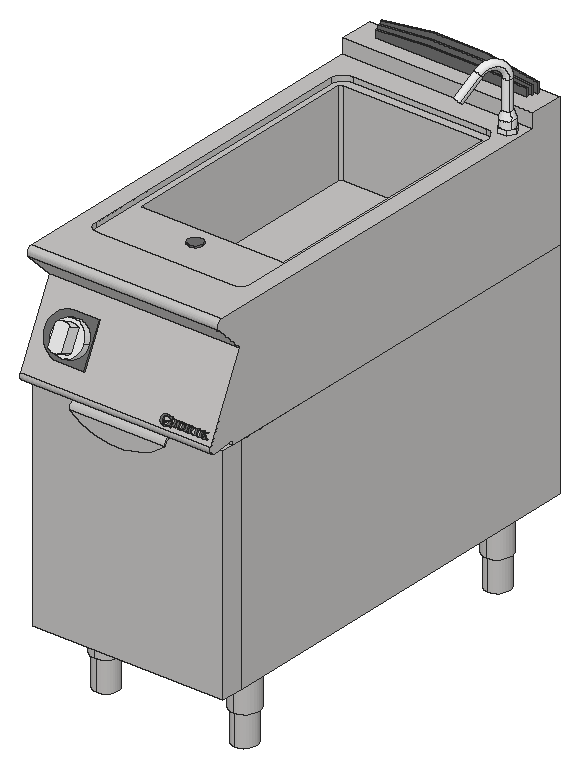
Revit family "QF_GIORIK_CPG926", category Specialty Equipment, Revit 2014
Parameters (values of type "CPG926")
  Weight in Pounds = 165.3465
  Waste Water Discharge Temperature [instance] = 0 °C
  URL Cutsheet = "www.giorik.com"
  URL = "www.giorik.com"
  Status [instance] = ""
  Specification by User [instance] = ""
  Specification by Manufacturer = ""
  Show Logo [instance] = yes
  Show Clearance [instance] = yes
  Serial Number = ""
  Seismic Rating = ""
  SMACNA No = ""
  Revision Code [instance] = ""
  Plumbing Remarks [instance] = ""
  Plumbing Connection Type [instance] = ""
  NAFEM Spec ID Number = ""
  Model = "CPG926"
  Masterspec = ""
  Manufacturer = "GIORIK"
  Item Number [instance] = ""
  Installed By [instance] = ""
  Indirect Waste Size = 1"
  Indirect Waste Flow = 0.0 L/s
  Indirect Waste Connection Type [instance] = ""
  Indirect Waste Connection Height [instance] = 150 mm
  Identify Quantity as Lot [instance] = no
  Gas Size = 1"
  Gas RI Height [instance] = 0 mm
  Gas KW = 15
  Gas Input = 15000 W
  Gas Connection Height [instance] = 150 mm
  Furnished By [instance] = ""
  Foodservice Equipment Identifier [instance] = yes
  Description = "40 LITRE SINGLE TANK GAS PASTA COOKER."
  Cold Water Temperature Recommended = 0 °C
  Cold Water Size = 1/2"
  Cold Water RI Height [instance] = 150 mm
  Cold Water Minimum Pressure = 20000.0 Pa
  Cold Water Maximum Pressure = 50000.0 Pa
  Cold Water Flow [instance] = 0.0 L/s
  Cold Water Consumption [instance] = ""
  Cold Water Connection Height [instance] = 150 mm
  CSI MasterFormat = ""
  Assembly Code = "E1090320"
Reference planes
  plane 1 "Back": y = 0
  plane 2: z = 0
  plane 3 "Left": x = 0
  plane 4 "Right": x = 400
  plane 5 "Front": y = -920
  plane 6 "Top": z = 900
Forms (mm)
  Extrusion 1, solid, visible <- "Show Logo"
    sketch origin (196.604, -935.76, 608.978) x (-1, 0, 0) y (0, 0.452718, 0.891654)
      loop
        line (-118.824, 58.358) -> (-127.804, 58.358) -> (-125.523, 56.445) -> (-125.523, 48.027) -> (-127.804, 46.113) -> (-118.824, 46.113) -> (-121.105, 48.027) -> (-121.105, 56.445) -> (-118.824, 58.358)
      loop
        line (-163.721, 58.358) -> (-172.7, 58.358) -> (-170.42, 56.445) -> (-170.42, 48.027) -> (-172.7, 46.113) -> (-163.721, 46.113) -> (-166.001, 48.027) -> (-166.001, 56.445) -> (-163.721, 58.358)
      loop
        line (-174.332, 58.358) -> (-183.312, 58.358) -> (-181.031, 56.445) -> (-181.031, 52.435) -> (-186.419, 56.955) -> (-184.416, 58.358) -> (-191.268, 58.358) -> (-188.01, 56.839) -> (-185.455, 54.283) -> (-190.846, 47.858) -> (-193.396, 46.93) -> (-193.396, 46.113) -> (-184.416, 46.113) -> (-185.437, 47.571) -> (-182.443, 51.552) -> (-181.031, 50.894) -> (-181.031, 48.027) -> (-183.312, 46.113) -> (-174.332, 46.113) -> (-176.613, 48.027) -> (-176.613, 56.445) -> (-174.332, 58.358)
      loop
        line (-115.429, 62.063) -> (-115.429, 54.198)
        arc (-115.429, 54.198) -> (-111.618, 57.803) -> (-106.847, 59.986) r 16.039
        arc (-106.847, 59.986) -> (-103.314, 59.837) -> (-100.512, 57.68) r 5.851
        arc (-100.512, 57.68) -> (-98.815, 52.267) -> (-100.512, 46.853) r 9.479
        arc (-100.512, 46.853) -> (-102.406, 44.986) -> (-104.846, 43.93) r 7.236
        arc (-104.846, 43.93) -> (-107.728, 44.111) -> (-110.052, 45.825) r 5.11
        line (-110.052, 45.825) -> (-110.052, 52.001) -> (-116.141, 52.001) -> (-116.141, 45.503) -> (-117.893, 43.751) -> (-114.094, 44.769)
        arc (-114.094, 44.769) -> (-112.56, 44.947) -> (-111.129, 44.366) r 3.115
        arc (-111.129, 44.366) -> (-104.216, 42.091) -> (-97.303, 44.366) r 11.641
        arc (-97.303, 44.366) -> (-93.396, 52.107) -> (-97.303, 59.849) r 9.622
        arc (-97.303, 59.849) -> (-104.369, 62.174) -> (-111.435, 59.849) r 11.898
        line (-111.435, 59.849) -> (-115.429, 62.063)
      loop
        arc (-129.234, 56.068) -> (-135.893, 58.628) -> (-142.552, 56.068) r 9.941
        arc (-142.552, 56.068) -> (-144.234, 52.286) -> (-142.552, 48.505) r 5.093
        arc (-142.552, 48.505) -> (-135.893, 45.945) -> (-129.234, 48.505) r 9.941
        arc (-129.234, 48.505) -> (-127.552, 52.286) -> (-129.234, 56.068) r 5.093
      loop
        arc (-132.628, 54.403) -> (-135.893, 57.668) -> (-139.158, 54.403) r 3.265
        line (-139.158, 54.403) -> (-139.158, 50.169)
        arc (-139.158, 50.169) -> (-135.893, 46.904) -> (-132.628, 50.169) r 3.265
        line (-132.628, 50.169) -> (-132.628, 54.403)
      loop
        arc (-156.363, 58.365) -> (-159.647, 55.081) -> (-156.363, 51.796) r 3.285
        line (-156.363, 51.796) -> (-159.529, 47.306) -> (-162.087, 46.113) -> (-155.847, 46.113) -> (-153.529, 51.083) -> (-150.637, 51.083) -> (-150.637, 47.784) -> (-153.022, 46.113) -> (-144.011, 46.113) -> (-146.094, 47.68) -> (-146.094, 56.493) -> (-144.229, 58.365) -> (-156.363, 58.365)
      loop
        line (-150.637, 57.512) -> (-153.637, 57.512)
        arc (-153.637, 57.512) -> (-156.237, 54.912) -> (-153.637, 52.312) r 2.6
        line (-153.637, 52.312) -> (-150.637, 52.312) -> (-150.637, 57.512)
      loop
        line (-108.924, 52.001) -> (-104.936, 49.005) -> (-100.948, 52.001) -> (-108.924, 52.001)
    from 1.5 to -0.5
  Extrusion 2, solid
    sketch origin (-16, 1025.81, 0) x (1, 0, 0) y (0, 1, 0)
      loop
        line (25, -1086.81) -> (25, -1156.81) -> (115, -1156.81) -> (115, -1086.81) -> (25, -1086.81)
    from 148 to 150
  Extrusion 3, solid
    sketch origin (35, -65, 130) x (1, 0, 0) y (0, 1, 0)
      loop
        circle (54, -385) r 12.5
    from 0 to 20
  Extrusion 4, solid
    sketch origin (0, 800, -20) x (0, 1, 0) y (0, 0, 1)
      loop
        line (-800, 919.988) -> (-870, 919.988) -> (-870, 889.988) -> (-1688.669, 889.988)
        arc (-1688.669, 889.988) -> (-1699.014, 883.075) -> (-1696.586, 870.873) r 11.197
        line (-1696.586, 870.873) -> (-1640.738, 815.025) -> (-1718.81, 661.258)
        arc (-1718.81, 661.258) -> (-1718.095, 650.105) -> (-1707.98, 645.354) r 10.981
        line (-1707.98, 645.354) -> (-1659.862, 649.925) -> (-1659.862, 640) -> (-800, 640) -> (-800, 919.988)
    from 0 to 400
  Extrusion 5, solid
    sketch origin (0, -200, 599.536) x (1, 0, 0) y (0, 1, 0)
      loop
        line (0, -640) -> (40, -640) -> (40, 160) -> (360, 160) -> (360, -640) -> (400, -640) -> (400, 200) -> (0, 200) -> (0, -640)
    from -449.536 to 20.464
  Extrusion 6, solid
    sketch origin (0, -200, 0) x (1, 0, 0) y (0, 1, 0)
      loop
        line (40, 160) -> (40, -640) -> (360, -640) -> (360, 160) -> (40, 160)
    from 150 to 190
  Extrusion 7, solid
    sketch origin (-16, 360.81, 0) x (1, 0, 0) y (0, 1, 0)
      loop
        line (25, -1086.81) -> (25, -1156.81) -> (115, -1156.81) -> (115, -1086.81) -> (25, -1086.81)
    from 148 to 150
  Revolve 8, solid
    sketch origin (54, 360.81, 0) x (0, 1, 0) y (0, 0, 1)
      loop
        line (-1092.56, 66) -> (-1092.56, 148) -> (-1121.81, 148) -> (-1121.81, 0) -> (-1096.81, 0) -> (-1096.81, 66) -> (-1092.56, 66)
      axis (-1121.81, 0) -> (-1121.81, 148)
    angle from 0 to 360
  Revolve 9, solid
    sketch origin (54, 1025.81, 0) x (0, 1, 0) y (0, 0, 1)
      loop
        line (-1092.56, 66) -> (-1092.56, 148) -> (-1121.81, 148) -> (-1121.81, 0) -> (-1096.81, 0) -> (-1096.81, 66) -> (-1092.56, 66)
      axis (-1121.81, 0) -> (-1121.81, 148)
    angle from 0 to 360
  Extrusion 10, solid
    sketch origin (416, 360.81, 0) x (-1, 0, 0) y (0, -1, 0)
      loop
        line (25, 1086.81) -> (115, 1086.81) -> (115, 1156.81) -> (25, 1156.81) -> (25, 1086.81)
    from 148 to 150
  Revolve 11, solid
    sketch origin (346, 360.81, 0) x (0, 1, 0) y (0, 0, -1)
      loop
        line (-1092.56, -66) -> (-1096.81, -66) -> (-1096.81, 0) -> (-1121.81, 0) -> (-1121.81, -148) -> (-1092.56, -148) -> (-1092.56, -66)
      axis (-1121.81, 0) -> (-1121.81, -148)
    angle from 0 to 360
  Extrusion 12, solid
    sketch origin (416, -1217.81, 0) x (-1, 0, 0) y (0, -1, 0)
      loop
        line (25, -1086.81) -> (25, -1156.81) -> (115, -1156.81) -> (115, -1086.81) -> (25, -1086.81)
    from 148 to 150
  Revolve 13, solid
    sketch origin (346, -1217.81, 0) x (0, -1, 0) y (0, 0, 1)
      loop
        line (-1092.56, 66) -> (-1092.56, 148) -> (-1121.81, 148) -> (-1121.81, 0) -> (-1096.81, 0) -> (-1096.81, 66) -> (-1092.56, 66)
      axis (-1121.81, 0) -> (-1121.81, 148)
    angle from 0 to 360
  Extrusion 14, solid
    sketch origin (-343.221, -1163.345, 52.363) x (1, 0, 0) y (0, 0.452718, 0.891654)
      loop
        line (463.221, 676.25) -> (463.221, 766.25) -> (409.698, 766.25)
        arc (409.698, 766.25) -> (364.698, 721.25) -> (409.698, 676.25) r 45
        line (409.698, 676.25) -> (463.221, 676.25)
    from 48 to 50
  Extrusion 15, solid
    sketch origin (431.331, -1208.697, 74.959) x (-1, 0, 0) y (0, -0.45351, -0.891251)
      loop
        circle (351.331, -721.346) r 35
    from 0 to 15
  Extrusion 16, solid
    sketch origin (431.331, -1208.697, 74.959) x (-1, 0, 0) y (0, -0.45351, -0.891251)
      loop
        arc (336.331, -743.846) -> (351.331, -748.846) -> (366.331, -743.846) r 25
        line (366.331, -743.846) -> (366.331, -698.846)
        arc (366.331, -698.846) -> (351.331, -693.846) -> (336.331, -698.846) r 25
        line (336.331, -698.846) -> (336.331, -743.846)
    from 15 to 40
  Extrusion 17, solid
    sketch origin (-94, 0, -10.001) x (1, 0, 0) y (0, 0, 1)
      loop
        line (135, 909.989) -> (453, 909.989) -> (453, 925.527) -> (347.056, 931.749) -> (240.944, 931.749) -> (135, 925.527) -> (135, 909.989)
    from 32 to 35
  Extrusion 18, solid
    sketch origin (-92, 10, -10.001) x (1, 0, 0) y (0, 0, 1)
      loop
        line (454, 909.989) -> (454, 928.527) -> (346.162, 939.193) -> (237.838, 939.193) -> (130, 928.527) -> (130, 909.989) -> (454, 909.989)
    from 32 to 35
  Extrusion 19, solid
    sketch origin (-90, 20, -10.001) x (1, 0, 0) y (0, 0, 1)
      loop
        line (455, 909.989) -> (455, 930.527) -> (345.396, 947.413) -> (234.604, 947.413) -> (125, 930.527) -> (125, 909.989) -> (455, 909.989)
    from 32 to 35
  Extrusion 20, void
    sketch origin (0, -200, 819.988) x (0, 1, 0) y (-1, 0, 0)
      loop
        arc (80, -60) -> (72.678, -42.322) -> (55, -35) r 25
        line (55, -35) -> (-565.002, -35)
        arc (-565.002, -35) -> (-582.68, -42.322) -> (-590.002, -60) r 25
        line (-590.002, -60) -> (-590.002, -340)
        arc (-590.002, -340) -> (-582.68, -357.678) -> (-565.002, -365) r 25
        line (-565.002, -365) -> (55, -365)
        arc (55, -365) -> (72.678, -357.678) -> (80, -340) r 25
        line (80, -340) -> (80, -60)
    from -137.243 to 50
  Extrusion 21, solid
    sketch origin (-224, -316, 100) x (0, 1, 0) y (-1, 0, 0)
      loop
        circle (-54, -313) r 6.35
    from 30 to 50
  Extrusion 22, solid
    sketch origin (136, -286, 100) x (0, 1, 0) y (-1, 0, 0)
      loop
        circle (-129, -162) r 12.7
    from 30 to 50
  Extrusion 23, solid
    sketch origin (0, -200, 809.988) x (0, 1, 0) y (-1, 0, 0)
      loop
        line (60, -345) -> (60, -55)
        arc (60, -55) -> (58.536, -51.464) -> (55, -50) r 5
        line (55, -50) -> (-460.364, -50)
        arc (-460.364, -50) -> (-463.899, -51.464) -> (-465.364, -55) r 5
        line (-465.364, -55) -> (-465.364, -345)
        arc (-465.364, -345) -> (-463.899, -348.536) -> (-460.364, -350) r 5
        line (-460.364, -350) -> (55, -350)
        arc (55, -350) -> (58.536, -348.536) -> (60, -345) r 5
      loop
        arc (73.67, -368.87) -> (80.741, -365.941) -> (83.67, -358.87) r 10
        line (83.67, -358.87) -> (83.67, -40.28)
        arc (83.67, -40.28) -> (80.741, -33.209) -> (73.67, -30.28) r 10
        line (73.67, -30.28) -> (-586, -30.28)
        arc (-586, -30.28) -> (-593.071, -33.209) -> (-596, -40.28) r 10
        line (-596, -40.28) -> (-596, -358.87)
        arc (-596, -358.87) -> (-593.071, -365.941) -> (-586, -368.87) r 10
        line (-586, -368.87) -> (73.67, -368.87)
    from -136.122 to 50
  Extrusion 24, solid
    sketch origin (-4.529, -225.827, 861.988) x (0, 1, 0) y (-1, 0, 0)
      loop
        circle (-476.382, -199.529) r 15
    from -2 to 0
  Extrusion 25, solid
    sketch origin (0, -925, 0) x (1, 0, 0) y (0, 0, 1)
      loop
        line (0, 620) -> (0, 150) -> (400, 150) -> (400, 620) -> (0, 620)
    from -85 to -40
  Extrusion 26, solid
    sketch origin (2.5, -925, -20.1) x (0, 1, 0) y (0, 0, 1)
      loop
        arc (25, 640.1) -> (14.393, 635.707) -> (10, 625.1) r 15
        line (10, 625.1) -> (12, 625.1)
        arc (12, 625.1) -> (15.808, 634.292) -> (25, 638.1) r 13
        line (25, 638.1) -> (40, 638.1) -> (40, 640.1) -> (25, 640.1)
    from 97.5 to 297.5
  Extrusion 27, solid
    sketch origin (2.5, -924.905, -20.1) x (1, 0, 0) y (0, 0, 1)
      loop
        arc (97.5, 625.1) -> (197.5, 590.089) -> (297.5, 625.1) r 160.316
        line (297.5, 625.1) -> (97.5, 625.1)
    from -11.905 to -9.905
  Extrusion 28, solid, visible <- "Show Clearance", detail levels coarse
    sketch origin (395, -925, 0) x (-1, 0, 0) y (0, -1, 0)
      loop
        line (-5, -40) -> (395, -40)
        arc (395, -40) -> (277.534, 241.069) -> (-5, 354.968) r 395
        line (-5, 354.968) -> (-5, -40)
    from 150 to 620
  Revolve 29, solid
    sketch origin (-198.943, 177.098, -15.012) x (0.898794, -0.438371, 0) y (0, 0, 1)
      loop
        line (635, 895) -> (650, 895) -> (650, 910) -> (645, 925) -> (635, 925) -> (635, 895)
      axis (635, 925) -> (635, 895)
    angle from 0 to 360
  Sweep 30, solid
    path origin (475.686, 111.746, -15.012) x (0.438371, 0.898794, 0) y (0, 0, 1)
      loop
        line (-237, 925) -> (-237, 986.382)
        arc (-237, 986.382) -> (-256.494, 1014.482) -> (-289.641, 1006.064) r 30
        line (-289.641, 1006.064) -> (-326.852, 963.258)
    profile origin (371.792, -101.268, 940.679) x (-0.438371, -0.898794, 0) y (0.898794, -0.438371, 0)
      loop
        circle (0, 0) r 9
  Extrusion 31, solid
    sketch origin (-678.408, 1017.906, 884.988) x (-0.779686, 0.626171, 0) y (-0.626171, -0.779686, 0)
      loop
        line (-1502.427, 209.668) -> (-1506.406, 227.223) -> (-1523.598, 232.555) -> (-1536.811, 220.332) -> (-1532.833, 202.777) -> (-1515.641, 197.445) -> (-1502.427, 209.668)
    from -15 to -5
Cuts and joins
  Extrusion 20 cuts Extrusion 4
Lines and regions (mm)
  symbolic lines, style "200-EquipBorder-2D"
    curve 1: line (0, -920, 0) -> (400, -920, 0)
    curve 2: line (400, -920, 0) -> (400, 0, 0)
    curve 3: line (400, 0, 0) -> (0, 0, 0)
    curve 4: line (0, 0, 0) -> (0, -920, 0)
    curve 47: line (65, -927.413, 900) -> (65, -920, 900)
    curve 48: line (95, -927.413, 900) -> (95, -920, 900)
    curve 49: arc (65, -927.413, 900) -> (80, -929.569, 900) -> (95, -927.413, 900) r 53.266
  symbolic lines, style "200-EquipInternal-2D"
    curve 5: line (0, -70, 900) -> (400, -70, 900)
    curve 6: line (35, -12, 900) -> (365, -12, 900)
    curve 7: line (365, -12, 900) -> (365, -15, 900)
    curve 8: line (365, -15, 900) -> (35, -15, 900)
    curve 9: line (35, -15, 900) -> (35, -12, 900)
    curve 10: line (38, -22, 900) -> (362, -22, 900)
    curve 11: line (362, -22, 900) -> (362, -25, 900)
    curve 12: line (362, -25, 900) -> (38, -25, 900)
    curve 13: line (38, -25, 900) -> (38, -22, 900)
    curve 14: line (41, -32, 900) -> (359, -32, 900)
    curve 15: line (359, -32, 900) -> (359, -35, 900)
    curve 16: line (359, -35, 900) -> (41, -35, 900)
    curve 17: line (41, -35, 900) -> (41, -32, 900)
    curve 18: line (340, -120, 900) -> (60, -120, 900)
    curve 19: arc (60, -120, 900) -> (42.322, -127.322, 900) -> (35, -145, 900) r 25
    curve 20: line (35, -145, 900) -> (35, -765, 900)
    curve 21: arc (351.32, -122.71, 900) -> (345.82, -120.687, 900) -> (340, -120, 900) r 25
    curve 22: line (365, -765, 900) -> (365, -145, 900)
    curve 23: arc (340, -790, 900) -> (357.678, -782.678, 900) -> (365, -765, 900) r 25
    curve 24: line (60, -790, 900) -> (340, -790, 900)
    curve 25: arc (35, -765, 900) -> (42.322, -782.678, 900) -> (60, -790, 900) r 25
    curve 26: line (50, -660.364, 900) -> (50, -145, 900)
    curve 27: line (55, -140, 900) -> (342.887, -140, 900)
    curve 28: line (350, -166.478, 900) -> (350, -660.364, 900)
    curve 29: line (345, -665.364, 900) -> (55, -665.364, 900)
    curve 30: arc (55, -140, 900) -> (51.464, -141.464, 900) -> (50, -145, 900) r 5
    curve 31: arc (350, -660.364, 900) -> (348.536, -663.899, 900) -> (345, -665.364, 900) r 5
    curve 32: arc (55, -665.364, 900) -> (51.464, -663.899, 900) -> (50, -660.364, 900) r 5
    curve 33: circle (195, -702.209, 900) r 15 normal (0, 0, 1)
    curve 36: arc (365, -145, 900) -> (364.738, -141.392, 900) -> (363.958, -137.859, 900) r 25
    curve 37: line (361.726, -86.345, 900) -> (353.835, -102.523, 900)
    curve 38: line (379.682, -85.09, 900) -> (361.726, -86.345, 900)
    curve 39: line (389.748, -100.012, 900) -> (379.682, -85.09, 900)
    curve 40: line (381.857, -116.19, 900) -> (389.748, -100.012, 900)
    curve 41: arc (363.702, -97.322, 900) -> (375.737, -93.179, 900) -> (379.881, -105.213, 900) r 9
    curve 42: line (379.881, -105.213, 900) -> (340.492, -185.971, 900)
    curve 43: line (324.314, -178.081, 900) -> (363.702, -97.322, 900)
    curve 44: line (374.268, -116.721, 900) -> (381.857, -116.19, 900)
    curve 45: line (358.09, -108.83, 900) -> (353.835, -102.523, 900)
    curve 46: spline (340.492, -185.971, 900) -> (339.447, -187.415, 900) -> (337.921, -188.492, 900) -> (336.02, -189.128, 900) -> (333.872, -189.281, 900) -> (331.623, -188.938, 900) -> (329.428, -188.125, 900) -> (327.436, -186.896, 900) -> (325.782, -185.335, 900) -> (324.58, -183.549, 900) -> (323.91, -181.659, 900) -> (323.82, -179.794, 900) -> (324.314, -178.081, 900)
  symbolic lines, style "QF_Door-Drawer Clearances", visible <- "Show Clearance", detail levels coarse
    curve 34: arc (400, -1279.968, 0) -> (130.204, -1178.101, 0) -> (1.554, -920, 0) r 395
    curve 35: line (400, -920, 0) -> (400, -1279.968, 0)
Dimensions and locks
  plane 3 "Left" to plane 4 "Right" = 400 mm
  plane 5 "Front" to plane 1 "Back" = 920 mm
  plane 4 "Right" to plane 3 "Left" = 400 mm
  plane 1 "Back" to plane 5 "Front" = 920 mm
  plane 6 "Top" to level = 900 mm  (x2)
  aligned and locked: level to plane 2
Connectors
  piping at (89, -370, 130), diameter 12.7, driven by "Cold Water Size", driven by "Cold Water Flow"
    settings: on Extrusion 21, index 2, connector inside diameter 24", connector length 0 mm, flow factor 0, pipe flow 0.0 L/s, pressure drop 0.0 Pa, fitting loss kfactor 0, connector angle 0.00°, fixture units 0, engagement length 0 mm, angle of deflection 0.00°, flow configuration 1, flow direction 1, fitting loss method 0, system type 20, joint type 0, gender type 0, connector reference index -1, connector utility 0, adjustable connector no, is connector primary yes, connector description "Water inlet"
  piping at (298, -415, 130), diameter 25.4, driven by "Indirect Waste Size", driven by "Indirect Waste Flow"
    settings: on Extrusion 22, index 3, connector inside diameter 24", connector length 0 mm, flow factor 0, pipe flow 0.0 L/s, pressure drop 0.0 Pa, fitting loss kfactor 0, connector angle 0.00°, fixture units 0, engagement length 0 mm, angle of deflection 0.00°, flow configuration 1, flow direction 2, fitting loss method 0, system type 16, joint type 0, gender type 0, connector reference index -1, connector utility 0, adjustable connector no, is connector primary no, connector description "Water drain"
  piping at (89, -450, 130), diameter 25.4, driven by "Gas Size"
    settings: on Extrusion 3, index 4, connector inside diameter 24", connector length 0 mm, flow factor 0, pipe flow 0.0 L/s, pressure drop 0.0 Pa, fitting loss kfactor 0, connector angle 0.00°, fixture units 0, engagement length 0 mm, angle of deflection 0.00°, flow configuration 1, flow direction 1, fitting loss method 0, system type 22, joint type 0, gender type 0, connector reference index -1, connector utility 0, adjustable connector no, is connector primary no, connector description "Gas inlet"
